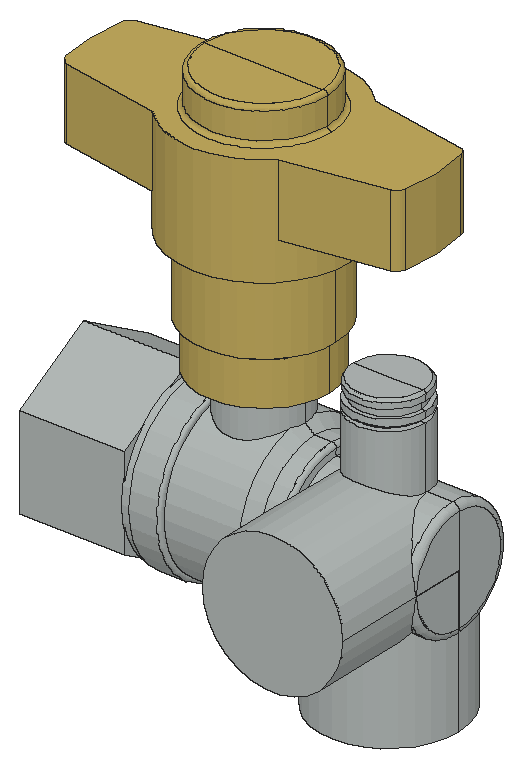
Revit family "QP01502129", category Apparecchi idraulici, Revit 2020
Family settings
  Quota connettore circolare = Usa diametro
  Tipo di parte = Normale
  Numero OmniClass = 23.45.00.00
  Titolo OmniClass = Sanitary, Laundry, and Cleaning Equipment
  Basato su piano di lavoro = No
  Sempre verticale = Sì
  Taglio con vuoti quando caricato = No
  Condiviso = No
  Punto di calcolo locali = No
Parameters
  URL = "https://web.cimberio.com/index.php/figura/917?subcategoria_id="
  Temperatura di esercizio = "-20 ÷ 60°C"
  Prospetto di default = 0 mm
  Produttore = "CIMBERIO SPA"
  Pressione nominale = "MOP 5"
  Modello = "Cim 110G"
  Materiale = "Prodotto in lega di ottone conforme alla norma EN 12165-CW617N-DW"
  Descrizione = "Utilizzato nell’impiantistica distributiva di gas a bassa pressione per le categorie:\r\nGas naturali: gas derivati dal petrolio (Metano) e gas di ricambio.\r\nGas di città: prodotti secondo i diversi procedimenti (Cracking - Cokerie - ecc.).\r\nGas liquidi: propano e miscele di gas propano/butano"
  DN [instance] = 20 mm
  Commenti sul tipo = "Realizzato in ottemperanza ai requisiti gestionali della norma EN ISO 9001.\r\nCollaudato al 100% secondo la normativa EN 12266-1"
Reference planes
  plane 1 "Centro (Fronte/Retro)": y = 0
  plane 2: z = 0
  plane 3 "Centro (Sinistra/Destra)": x = 0
Forms (mm)
  Revolve 1, solid, material "Cim_Lega di ottone"
    sketch origin (0, 0, 0) x (1, 0, 0) y (0, 0, 1)
      loop
        line (-17.1, 10) -> (-15.1, 10) -> (-15.1, 19) -> (-17.1, 19) -> (-17.1, 10)
      axis (-17.1, 0) -> (-15.1, 0)
    angle from 0 to 360
  Revolve 2, solid, material "Cim_Lega di ottone"
    sketch origin (0, 0, 0) x (1, 0, 0) y (0, 0, 1)
      loop
        line (-15.1, 10) -> (38.198, 10) -> (38.198, 0) -> (44.5, 0) -> (44.5, 12)
        arc (44.5, 12) -> (44.061, 13.061) -> (43, 13.5) r 1.5
        line (43, 13.5) -> (16.5, 13.5) -> (16.5, 15)
        arc (16.5, 15) -> (16.207, 15.707) -> (15.5, 16) r 1
        line (15.5, 16) -> (11.5, 16) -> (9, 18.5) -> (-8.025, 18.5)
        arc (-8.025, 18.5) -> (-8.168, 19.19) -> (-8.8, 19.5) r 0.8
        line (-8.8, 19.5) -> (-15.1, 19.5) -> (-15.1, 10)
      axis (-15.1, 0) -> (44.5, 0)
    angle from 0 to 360
  Extrusion 3, solid, material "Cim_Lega di ottone"
    sketch origin (0, 0, 0) x (1, 0, 0) y (0, 0, 1)
      loop
        circle (28.5, 0) r 16
    from 0 to 33.033
  Revolve 4, solid, material "Cim_Lega di ottone"
    sketch origin (0, 0, 0) x (1, 0, 0) y (0, 0, 1)
      loop
        line (28.5, -33) -> (44.5, -33) -> (44.5, 0) -> (28.5, 0) -> (28.5, -33)
      axis (28.5, -33) -> (28.5, 0)
    angle from 0 to 360
  Revolve 5, solid, material "Cim_Lega di ottone"
    sketch origin (0, 0, 0) x (1, 0, 0) y (0, 0, 1)
      loop
        line (28.5, 34) -> (28.5, 9.625) -> (36.998, 9.625) -> (36.998, 27.5) -> (35.6, 27.5)
        arc (35.6, 27.5) -> (35.272, 27.865) -> (34.8, 28) r 0.89
        line (34.8, 28) -> (36.358, 28) -> (36.998, 28.5) -> (36.998, 30.015) -> (35.933, 30.015) -> (35.933, 31.997) -> (36.932, 31.997) -> (36.932, 33.293) -> (36.437, 34) -> (28.5, 34)
      axis (28.5, 9.625) -> (28.5, 34)
    angle from 0 to 360
  Extrusion 6, solid, material "Cim_Lega di ottone"
    sketch origin (0, 0, 0) x (0, 1, 0) y (0, 0, 1)
      loop
        circle (0, 0) r 10
      loop
        line (0, 21) -> (-18.187, 10.5) -> (-18.187, -10.5) -> (0, -21) -> (18.187, -10.5) -> (18.187, 10.5) -> (0, 21)
    from -41 to -17.1
  Revolve 7, solid, material "Cim_Lega di ottone"
    sketch origin (0, 0, 0) x (1, 0, 0) y (0, 0, 1)
      loop
        line (0, 25.9) -> (0, 13.997) -> (9.5, 13.997) -> (9.5, 23.425)
        arc (9.5, 23.425) -> (9.789, 23.893) -> (10, 24.4) r 3.447
        line (10, 24.4) -> (10, 25.9) -> (0, 25.9)
      axis (0, 25.9) -> (0, 13.997)
    angle from 0 to 360
  Revolve 8, solid, material "Cim_Alluminio giallo"
    sketch origin (0, 0, 0) x (1, 0, 0) y (0, 0, 1)
      loop
        line (0, 87.3) -> (0, 25.9) -> (15, 25.9) -> (15, 35.9) -> (16.5, 36.766) -> (16.5, 54.3) -> (19.924, 54.3) -> (19.924, 79.3) -> (15.5, 79.3)
        arc (15.5, 79.3) -> (14.793, 79.593) -> (14.5, 80.3) r 1
        line (14.5, 80.3) -> (14.5, 86.3)
        arc (14.5, 86.3) -> (14.207, 87.007) -> (13.5, 87.3) r 1
        line (13.5, 87.3) -> (0, 87.3)
      axis (0, 87.3) -> (0, 25.9)
    angle from 0 to 360
  Extrusion 9, solid, material "Cim_Alluminio giallo"
    sketch origin (0, 0, 0) x (1, 0, 0) y (0, 1, 0)
      loop
        arc (0, 14.467) -> (-18.572, 13.309) -> (-36.856, 9.852) r 149.5
        arc (-36.856, 9.852) -> (-38.047, 9.156) -> (-38.688, 7.934) r 2.5
        arc (-38.688, 7.934) -> (-39.5, -0.033) -> (-38.688, -8.001) r 39.5
        arc (-38.688, -8.001) -> (-38.047, -9.223) -> (-36.856, -9.919) r 2.5
        arc (-36.856, -9.919) -> (-18.572, -13.375) -> (0, -14.533) r 149.5
        arc (0, -14.533) -> (18.572, -13.375) -> (36.856, -9.919) r 149.5
        arc (36.856, -9.919) -> (38.047, -9.223) -> (38.688, -8.001) r 2.5
        arc (38.688, -8.001) -> (39.5, -0.033) -> (38.688, 7.934) r 39.5
        arc (38.688, 7.934) -> (38.047, 9.156) -> (36.856, 9.852) r 2.5
        arc (36.856, 9.852) -> (18.572, 13.309) -> (0, 14.467) r 149.5
    from 62.92 to 79.3
Cuts and joins
  joined: Revolve 8, Extrusion 9
Dimensions and locks
  aligned and locked: level to plane 2
Connectors
  piping at (-41, 0, 0), diameter 20, driven by "DN"
    settings: on Extrusion 6, index 1, connector inside diameter 609.6 mm, connector length 0 mm, flow factor 0, pipe flow 0.0 L/s, pressure drop 0.0 Pa, fitting loss kfactor 0, connector angle 0.00°, fixture units 0, engagement length 0 mm, angle of deflection 0.00°, flow configuration 0, flow direction 0, fitting loss method 0, system type 7, joint type 0, gender type 0, connector reference index -1, connector utility 0, adjustable connector no, is connector primary yes, connector description ""
